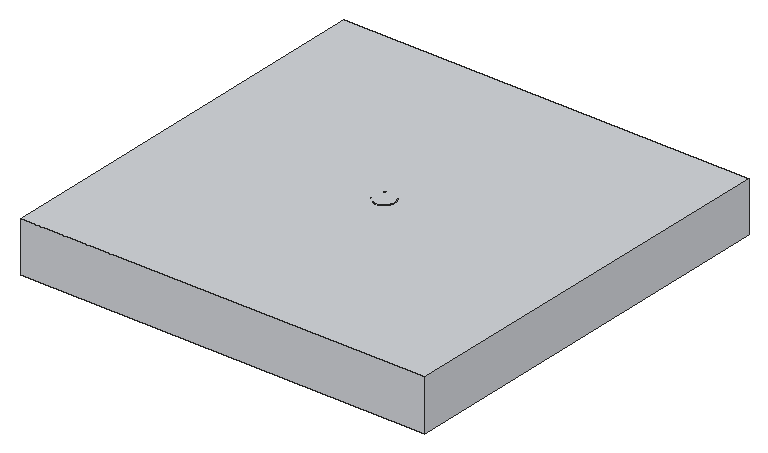
Revit family "M_Dreno de telhado - Redondo", category Peças hidrossanitárias, Revit 2019
Family settings
  Hospedeiro = Face
  Cota do conector redondo = Usar raio
  Tipo de parte = Normal
  Número OmniClass = 23.45.55.21
  Título OmniClass = Drains (Wastes)
  ID de item do Seek = Floor Drain - Round-0000-CAN-ENU
  Corte com vazios quando carregada = Não
  Compartilhado = Não
  Ponto de cálculo do ambiente = Não
Parameters (values of type "Filtro de 125 mm - Dreno de 50 mm")
  WFU = 2
  Altura do filtro = 83 mm
  Raio do filtro = 62.5 mm
  Diâmetro do filtro = 2 * Raio do filtro  # 125 mm
  Raio 6 = Raio do filtro / 4  # 15.625 mm
  Raio 5 = Raio do filtro / 4 * 2  # 31.25 mm
  Raio 4 = Raio do filtro / 4 * 3  # 46.875 mm
  Raio 2 = (Raio do corpo - Raio da tubulação) / 3 * 2 + Raio da tubulação  # 77 mm
  Raio 1 = (Raio do corpo - Raio da tubulação) / 3 + Raio da tubulação  # 51 mm
  Raio 3 = 0.5 * Raio do corpo  # 51.5 mm
  Raio da tubulação = 25 mm
  Diâmetro da tubulação = 2 * Raio da tubulação  # 50 mm
  Altura 2 = 0.2 * Altura do corpo  # 18.4 mm
  Altura 1 = 0.5 * Altura do corpo  # 46 mm
  HWFU = 0
  Material da drenagem = none
  Default Elevation = 0 mm
  CWFU = 0
  Raio do corpo = 103 mm
  Altura do corpo = 92 mm
  Diâmetro do corpo = 2 * Raio do corpo  # 206 mm
Types (16, lengths in mm): name | WFU | Altura do filtro | Raio do filtro | Diâmetro do filtro | Raio 6 | Raio 5 | Raio 4 | Raio 2 | Raio 1 | Raio da tubulação | Diâmetro da tubulação
  (no name) | 2 | 83 | 62.5 | 125 | 15.625 | 31.25 | 46.875 | 77 | 51 | 25 | 50
  Filtro de 125 mm - Dreno de 50 mm | 2 | 83 | 62.5 | 125 | 15.625 | 31.25 | 46.875 | 77 | 51 | 25 | 50
  Filtro de 125 mm - Dreno de 80 mm | 3 | 83 | 62.5 | 125 | 15.625 | 31.25 | 46.875 | 82 | 61 | 40 | 80
  Filtro de 125 mm - Dreno de 100 mm | 4 | 83 | 62.5 | 125 | 15.625 | 31.25 | 46.875 | 85.333 | 67.667 | 50 | 100
  Filtro de 150 mm - Dreno de 50 mm | 2 | 86 | 75 | 150 | 18.75 | 37.5 | 56.25 | 77 | 51 | 25 | 50
  Filtro de 200 mm - Dreno de 50 mm | 2 | 83 | 100 | 200 | 25 | 50 | 75 | 77 | 51 | 25 | 50
  Filtro de 150 mm - Dreno de 80 mm | 3 | 86 | 75 | 150 | 18.75 | 37.5 | 56.25 | 82 | 61 | 40 | 80
  Filtro de 200 mm - Dreno de 80 mm | 3 | 83 | 100 | 200 | 25 | 50 | 75 | 82 | 61 | 40 | 80
  Filtro de 150 mm - Dreno de 100 mm | 4 | 86 | 75 | 150 | 18.75 | 37.5 | 56.25 | 85.333 | 67.667 | 50 | 100
  Filtro de 200 mm - Dreno de 100 mm | 4 | 82 | 100 | 200 | 25 | 50 | 75 | 85.333 | 67.667 | 50 | 100
  Filtro de 180 mm - Dreno de 50 mm | 2 | 83 | 90 | 180 | 22.5 | 45 | 67.5 | 77 | 51 | 25 | 50
  Filtro de 250 mm - Dreno de 50 mm | 2 | 83 | 125 | 250 | 31.25 | 62.5 | 93.75 | 77 | 51 | 25 | 50
  Filtro de 180 mm - Dreno de 80 mm | 3 | 83 | 90 | 180 | 22.5 | 45 | 67.5 | 82 | 61 | 40 | 80
  Filtro de 250 mm - Dreno de 80 mm | 3 | 83 | 125 | 250 | 31.25 | 62.5 | 93.75 | 82 | 61 | 40 | 80
  Filtro de 250 mm - Dreno de 100 mm | 4 | 83 | 125 | 250 | 31.25 | 62.5 | 93.75 | 85.333 | 67.667 | 50 | 100
  Filtro de 180 mm - Dreno de 100 mm | 4 | 83 | 90 | 180 | 22.5 | 45 | 67.5 | 85.333 | 67.667 | 50 | 100
Reference planes
  plane 1 "Centro (Frente/Trás)": y = 0
  plane 2: z = 0
  plane 3 "Centro (Esquerda/Direita)": x = 0
  plane 4: z = -129
  plane 5: z = -110.6
  plane 6: z = -90.62
  plane 7: z = -175
  plane 8: z = -75.38
  plane 9: z = -15.24
  plane 10: z = -5.08
  plane 11 "Parte superior do filtro": z = 0
  plane 12: x = -62.5
  plane 13: x = 62.5
  plane 14: y = 62.5
  plane 15: y = -62.5
  plane 16: z = -83
  plane 17: x = -51.5
  plane 18: z = -914.4
Forms (mm)
  Extrusion 1, solid
    sketch origin (0, 0, 0) x (1, 0, 0) y (0, 1, 0)
      loop
        line (-1219.2, 1219.2) -> (-1219.2, -1219.2) -> (1219.2, -1219.2) -> (1219.2, 1219.2) -> (-1219.2, 1219.2)
    from 0 to -304.8
  Extrusion 2, solid, material <- "Material da drenagem"
    sketch origin (0, 0, 0) x (-1, 0, 0) y (0, -1, 0)
      loop
        circle (0, 0) r 25
    from -175 to -129
  Extrusion 3, solid, material <- "Material da drenagem"
    sketch origin (0, 0, 0) x (-1, 0, 0) y (0, -1, 0)
      loop
        circle (0, 0) r 51
    from -129 to -110.6
  Extrusion 4, solid, material <- "Material da drenagem"
    sketch origin (0, 0, 0) x (-1, 0, 0) y (0, -1, 0)
      loop
        circle (0, 0) r 77
    from -110.6 to -90.62
  Extrusion 5, solid, material <- "Material da drenagem"
    sketch origin (0, 0, 0) x (-1, 0, 0) y (0, -1, 0)
      loop
        circle (0, 0) r 103
    from -90.62 to -83
  Extrusion 6, solid, material <- "Material da drenagem"
    sketch origin (0, 0, 0) x (-1, 0, 0) y (0, -1, 0)
      loop
        circle (0, 0) r 103
    from -83 to -75.38
  Extrusion 7, solid, material <- "Material da drenagem"
    sketch origin (0, 0, 0) x (-1, 0, 0) y (0, -1, 0)
      loop
        circle (0, 0) r 51.5
    from -75.38 to -15.24
  Revolve 8, solid, material <- "Material da drenagem"
    sketch origin (0, 0, 0) x (1, 0, 0) y (0, 0, 1)
      loop
        line (0, -5.08) -> (-62.5, -5.08) -> (-51.5, -15.24) -> (0, -15.24) -> (0, -5.08)
      axis (0, -5.08) -> (0, -15.24)
    angle from 0 to 360
  Extrusion 9, solid, material <- "Material da drenagem"
    sketch origin (0, 0, 0) x (-1, 0, 0) y (0, -1, 0)
      loop
        circle (0, 0) r 62.5
    from -5.08 to 0
Cuts and joins
  joined: Extrusion 2, Extrusion 3, Extrusion 4, Extrusion 5
  joined: Extrusion 6, Extrusion 7, Revolve 8, Extrusion 9
Lines and regions (mm)
  model lines
    curve 1: circle (0, 0, 0) r 62.5 normal (0, 0, 1)
    curve 2: line (-62.5, 0, 0) -> (62.5, 0, 0)
    curve 3: line (0, 62.5, 0) -> (0, -62.5, 0)
    curve 4: circle (0, 0, 0) r 46.875 normal (0, 0, 1)
    curve 5: circle (0, 0, 0) r 31.25 normal (0, 0, 1)
    curve 6: circle (0, 0, 0) r 15.625 normal (0, 0, 1)
Dimensions and locks
  "Altura 2": plane 5 to plane 4
  "Altura 1": plane 4 to plane 7
  locked: plane 11 "Parte superior do filtro" to plane 10 at 5.08
  plane 11 "Parte superior do filtro" to plane 2 = 0 mm
  locked: plane 10 to plane 9 at 10.16
  equal spacing: plane 14, plane 1 "Centro (Frente/Trás)", plane 15
  "Raio do filtro": plane 14 to plane 1 "Centro (Frente/Trás)"
  equal spacing: plane 12, plane 3 "Centro (Esquerda/Direita)", plane 13
  "Raio do filtro": plane 3 "Centro (Esquerda/Direita)" to plane 13
  "Altura do filtro": plane 11 "Parte superior do filtro" to plane 16
  locked: plane 8 to plane 16 at 7.62
  locked: plane 16 to plane 6 at 7.62
  "Altura do corpo": plane 16 to plane 7
  "Raio 3": plane 3 "Centro (Esquerda/Direita)" to plane 17
  locked: plane 2 to plane 18 at 914.4
  "Raio 4": radius of curve 4
  "Raio 5": radius of curve 5
  "Raio 6": radius of curve 6
  "Raio da tubulação": radius of Extrusion 2 sketch curve
  "Raio 1": radius of Extrusion 3 sketch curve
  "Raio 2": radius of Extrusion 4 sketch curve
  "Raio do corpo": radius of Extrusion 5 sketch curve
  "Raio do corpo": radius of Extrusion 6 sketch curve
  "Raio 3": radius of Extrusion 7 sketch curve
  "Raio do filtro": radius of Extrusion 9 sketch curve
  aligned and locked: plane 2 to Extrusion 1
  aligned and locked: level to Extrusion 1
  aligned and locked: plane 3 "Centro (Esquerda/Direita)" to curve 1
  aligned and locked: plane 1 "Centro (Frente/Trás)" to curve 2
  aligned and locked: curve 3 to plane 3 "Centro (Esquerda/Direita)"
  aligned and locked: plane 3 "Centro (Esquerda/Direita)" to curve 4
  aligned and locked: plane 1 "Centro (Frente/Trás)" to curve 4
  aligned and locked: plane 3 "Centro (Esquerda/Direita)" to curve 5
  aligned and locked: plane 1 "Centro (Frente/Trás)" to curve 5
  aligned and locked: plane 3 "Centro (Esquerda/Direita)" to curve 6
  aligned and locked: plane 1 "Centro (Frente/Trás)" to curve 6
  aligned and locked: plane 12 to curve 2
  aligned and locked: plane 15 to curve 3
  aligned and locked: plane 1 "Centro (Frente/Trás)" to Extrusion 2 sketch curve
  aligned and locked: plane 3 "Centro (Esquerda/Direita)" to Extrusion 2 sketch curve
  aligned and locked: Extrusion 2 to plane 7
  aligned and locked: plane 4 to Extrusion 2
  aligned and locked: plane 1 "Centro (Frente/Trás)" to Extrusion 3 sketch curve
  aligned and locked: plane 3 "Centro (Esquerda/Direita)" to Extrusion 3 sketch curve
  aligned and locked: Extrusion 3 to plane 4
  aligned and locked: plane 5 to Extrusion 3
  aligned and locked: plane 1 "Centro (Frente/Trás)" to Extrusion 4 sketch curve
  aligned and locked: plane 3 "Centro (Esquerda/Direita)" to Extrusion 4 sketch curve
  aligned and locked: Extrusion 4 to plane 5
  aligned and locked: plane 6 to Extrusion 4
  aligned and locked: plane 1 "Centro (Frente/Trás)" to Extrusion 5 sketch curve
  aligned and locked: plane 3 "Centro (Esquerda/Direita)" to Extrusion 5 sketch curve
  aligned and locked: Extrusion 5 to plane 6
  aligned and locked: plane 16 to Extrusion 5
  aligned and locked: plane 1 "Centro (Frente/Trás)" to Extrusion 6 sketch curve
  aligned and locked: plane 3 "Centro (Esquerda/Direita)" to Extrusion 6 sketch curve
  aligned and locked: Extrusion 6 to plane 16
  aligned and locked: plane 8 to Extrusion 6
  aligned and locked: plane 1 "Centro (Frente/Trás)" to Extrusion 7 sketch curve
  aligned and locked: plane 3 "Centro (Esquerda/Direita)" to Extrusion 7 sketch curve
  aligned and locked: Extrusion 7 to plane 8
  aligned and locked: plane 9 to Extrusion 7
  aligned and locked: Revolve 8 sketch curve to plane 3 "Centro (Esquerda/Direita)"  (x2)
  aligned and locked: plane 9 to Revolve 8 sketch curve
  aligned and locked: Revolve 8 sketch curve to plane 9
  aligned and locked: Revolve 8 sketch curve to plane 10
  aligned and locked: plane 17 to Revolve 8 sketch curve
  aligned and locked: plane 12 to Revolve 8 sketch curve
  aligned and locked: plane 10 to Revolve 8 sketch curve
  aligned and locked: plane 1 "Centro (Frente/Trás)" to Extrusion 9 sketch curve
  aligned and locked: plane 3 "Centro (Esquerda/Direita)" to Extrusion 9 sketch curve
  aligned and locked: Extrusion 9 to plane 10
  aligned and locked: plane 11 "Parte superior do filtro" to Extrusion 9
Automatic sketch dimensions
  Extrusion 1 sketch curve to Extrusion 1 sketch curve = 2438.4 mm  (x2)
  level to Revolve 8 sketch curve = 31.75 mm
  Revolve 8 sketch curve to Revolve 8 sketch curve = 12.7 mm
Connectors
  piping at (0, 0, -175), diameter 50, driven by "WFU", driven by "Raio da tubulação"
    settings: on cut or joined group of Extrusion 2, Extrusion 3, Extrusion 4, Extrusion 5, index 1, connector inside diameter 50 mm, connector length 0 mm, flow factor 0, pipe flow 0.0 L/s, pressure drop 0.0 Pa, fitting loss kfactor 0, connector angle 0.00°, fixture units 2, engagement length 0 mm, angle of deflection 0.00°, flow configuration 3, flow direction 2, fitting loss method 0, system type 16, joint type 0, gender type 0, connector reference index -1, connector utility 0, adjustable connector no, is connector primary yes, connector description "Saída"
